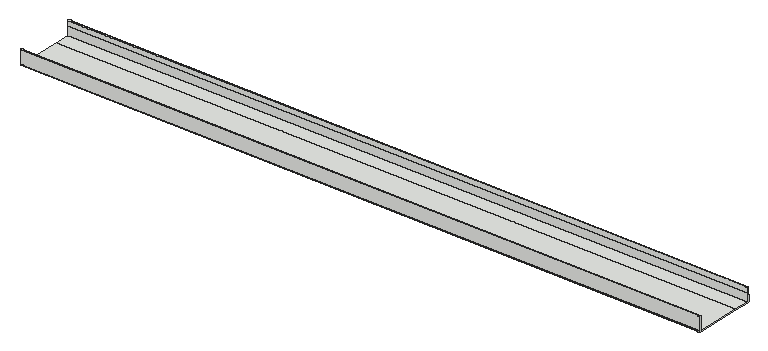
Revit family "PR636", category Mechanical Equipment, Revit 2018
Family settings
  Round Connector Dimension = Use Diameter
  Part Type = Normal
  OmniClass Number = 23.75.00.00
  OmniClass Title = Climate Control (HVAC)
  Work Plane-Based = No
  Always vertical = Yes
  Cut with Voids When Loaded = No
  Shared = No
  Room Calculation Point = No
Parameters (values of type "ISOLAMIN PR636 flashing")
  URL = "http://www.isolamin.se/"
  Thickness = "0.7 mm (Different thicknesses are available on request) \r\n0.7 mm (Different thicknesses are available on request) \r\n0.7 mm (Different thicknesses are available on request)"
  Profile Length = 1180 mm
  Model = "PR636"
  Material = "Galvanized Steel"
  Manufacturer = "ISOLAMIN AB"
  Edition = "1.0 (2018)"
Reference planes
  plane 1 "Center (Front/Back)": y = 0
  plane 2: z = 0
  plane 3 "Center (Left/Right)": x = 0
  plane 4: y = -1284.913
  plane 5: x = 1180
Forms (mm)
  Extrusion 1, solid, material "ISOLAMIN Surface Profile Material"
    sketch origin (0, 0, 0) x (0, 1, 0) y (0, 0, 1)
      loop
        line (-2, 24.256) -> (-2, 15.7) -> (-1, 15.7) -> (-1, 1) -> (-26.4, 1) -> (-104, 1) -> (-104, 15.7) -> (-103, 15.7) -> (-103, 24.256)
        arc (-103, 24.256) -> (-104, 25) -> (-105, 24.256) r 1.044
        line (-105, 24.256) -> (-105, 1)
        arc (-105, 1) -> (-104.707, 0.293) -> (-104, 0) r 1
        line (-104, 0) -> (-26.4, 0) -> (-1, 0)
        arc (-1, 0) -> (-0.293, 0.293) -> (0, 1) r 1
        line (0, 1) -> (0, 24.256)
        arc (0, 24.256) -> (-1, 25) -> (-2, 24.256) r 1.044
    from 0 to 1180
Dimensions and locks
  "Profile Length": plane 3 "Center (Left/Right)" to plane 5
  aligned and locked: level to plane 2
  aligned and locked: plane 5 to Extrusion 1
Automatic sketch dimensions
  Extrusion 1 sketch curve to level = 0 mm
  Extrusion 1 sketch curve to plane 1 "Center (Front/Back)" = 0 mm
  plane 1 "Center (Front/Back)" to Extrusion 1 sketch curve = 1 mm  (x2)
  Extrusion 1 sketch curve to Extrusion 1 sketch curve = 0 mm  (x3)
  Extrusion 1 sketch curve to Extrusion 1 sketch curve = 1 mm  (x4)
  Extrusion 1 sketch curve to Extrusion 1 sketch curve = 25.4 mm
  level to Extrusion 1 sketch curve = 24.256 mm
  Extrusion 1 sketch curve to Extrusion 1 sketch curve = 76.6 mm
  level to Extrusion 1 sketch curve = 1 mm
  Extrusion 1 sketch curve to Extrusion 1 sketch curve = 14.7 mm
  Extrusion 1 sketch curve to Extrusion 1 sketch curve = 8.556 mm
  Extrusion 1 sketch curve to Extrusion 1 sketch curve = 0.3 mm  (x2)
  Extrusion 1 sketch curve to Extrusion 1 sketch curve = 8.256 mm
